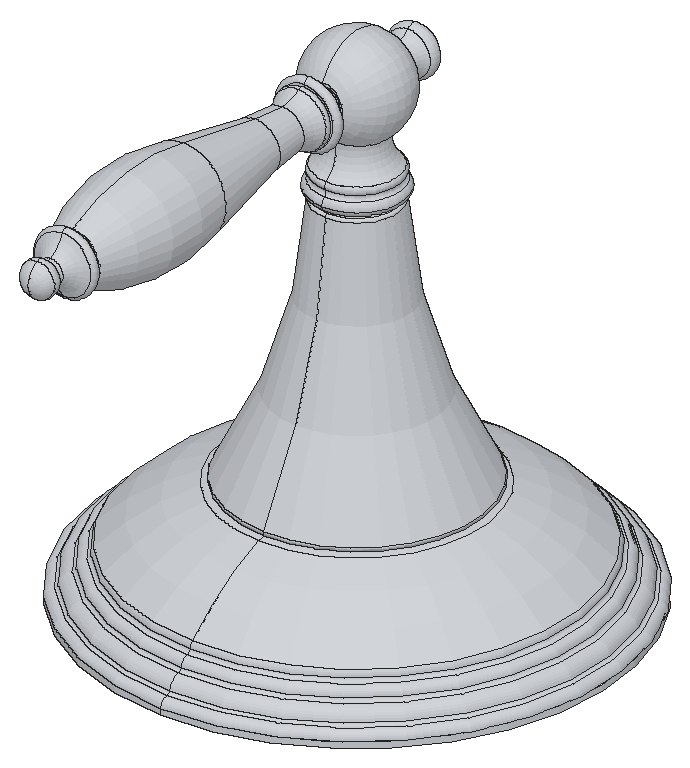
Revit family "Shower-Valve_Trim-KOHLER-Finial-K-T10304", category Specialty Equipment, host Face, Revit 2015
Parameters (values of type "CP-Polished Chrome")
  Width = 3 7/8"  # constant formula
  URL = "https://www.us.kohler.com/us/"
  Type = 1
  Product Page URL = "http://www.us.kohler.com/us/catalog/productDetails.jsp?productNumber=T10304-4M"
  Product Name = "Finial Traditional"  # constant formula
  Product Documentation Link = "http://www.us.kohler.com/onlinecatalog/pdf/K-T10304-4M_spec.pdf"
  Model = if(Type = 1, "K-T10304-4M-CP", if(Type = 2, "K-T10304-4M-SN", if(Type = 3, "K-T10304-4M-AF", if(Type = 4, "K-T10304-4M-BN", if(Type = 5, "K-T10304-4M-BV", if(Type = 6, "K-T10304-4M-2BZ", "NA"))))))  # "K-T10304-4M-CP"
  Material = "Premium Metal Construction"  # constant formula
  MasterFormat 2004 = "10.28.13"  # constant formula
  MasterFormat 1995 = "10820"  # constant formula
  Manufacturer Address = "444 Highland Dr, Kohler, WI 53044"  # constant formula
  Manufacturer = "KOHLER Co."  # constant formula
  Length = 4"  # constant formula
  Height = 3 7/8"  # constant formula
  Finish = Kohler-Metal-CP-Polished_Chrome
  Environmental Product Declaration = ""
  Description = "Traditional valve trim with lever handle for transfer valve, requires valve"  # constant formula
  Default Elevation = 42"
  Declare Label = ""
  Date Modified = "01/03/2019"  # constant formula
  Date Created = "01/03/2019"  # constant formula
  Copyright = "Copyright KOHLER Co."  # constant formula
  Contact Us = "https://www.us.kohler.com/us/static/contact.jsp"
  Assembly Code = "C1030200"
  ADA Compliant = 1 = 1  # yes
Types (7): name | Type | Model | Finish
  (no name) | 1 | "K-T10304-4M-CP" | Kohler-Metal-CP-Polished_Chrome
  CP-Polished Chrome | 1 | "K-T10304-4M-CP" | Kohler-Metal-CP-Polished_Chrome
  SN-Vibrant Polished Nickel | 2 | "K-T10304-4M-SN" | Kohler-Metal-SN-Vibrant_Polished_Nickel
  AF-Vibrant French Gold | 3 | "K-T10304-4M-AF" | Kohler-Metal-AF-Vibrant_French_Gold
  BN-Vibrant Brushed Nickel | 4 | "K-T10304-4M-BN" | Kohler-Metal-BN-Vibrant_Brushed_Nickel
  BV-Vibrant Brushed Bronze | 5 | "K-T10304-4M-BV" | Kohler-Metal-BV-Brushed_Bronze
  2BZ-Oil Rubbed Bronze | 6 | "K-T10304-4M-2BZ" | Kohler-Metal-2BZ-Oil_Rubbed_Bronze
Reference planes (in)
  plane 1 "Center (Front/Back)": y = 0
  plane 2: z = 0
  plane 3 "Center (Left/Right)": x = 0
  plane 4: x = -1.93759
  plane 5: x = 1.93741
  plane 6: z = 4
  plane 7: y = 1.9375
  plane 8: y = -1.9375
  plane 9: y = -3.25
Dimensions and locks (in)
  "Width": plane 4 to plane 5
  "Height": plane 8 to plane 7
  "Length": plane 6 to level
  plane 1 "Center (Front/Back)" to plane 9 = 3 1/4"
  aligned and locked: plane 2 to host face
  aligned and locked: level to host face
Automatic sketch dimensions
  host sketch curve to host sketch curve = 96"  (x2)
Nested families (in)
  nested 1: "K-T10304" at (0, 0, 0), type "K-T10304"
Definition of nested family "K-T10304"
  Parameters (values of type "K-T10303")
    Material = none
  Reference planes (in)
    plane 1 "Center (Front/Back)": y = 0
    plane 2: z = 0
    plane 3 "Center (Left/Right)": x = 0
    plane 4: x = 1.93759
    plane 5: y = 1.9375
    plane 6: y = -1.9375
    plane 7: y = -3.25
    plane 8: z = 4
    plane 9: x = -1.93759
  Forms (in)
    Revolve 1, solid, material <- "Material", detail levels medium+fine
      sketch origin (0, 0, 0) x (0, 1, 0) y (0, 0, 1)
        loop
          line (0.26, 2.85878) -> (0.30169, 2.85878)
          arc (0.30169, 2.85878) -> (0.33216, 2.87072) -> (0.34642, 2.90018) r 0.04486
          arc (0.34642, 2.90018) -> (0.34092, 2.93337) -> (0.32064, 2.96021) r 0.07037
          arc (0.32064, 2.96021) -> (0.30789, 2.98186) -> (0.31239, 3.00658) r 0.03603
          arc (0.31239, 3.00658) -> (0.31744, 3.03373) -> (0.30368, 3.05767) r 0.03998
          arc (0.30368, 3.05767) -> (0.21626, 3.21704) -> (0.26, 3.39347) r 0.24982
          line (0.26, 3.39347) -> (0, 3.39347) -> (0, 0) -> (1.9375, 0) -> (1.9375, 0.048)
          arc (1.9375, 0.048) -> (1.91887, 0.09297) -> (1.8739, 0.1116) r 0.0636
          arc (1.8739, 0.1116) -> (1.85796, 0.11756) -> (1.84984, 0.13252) r 0.0243
          arc (1.84984, 0.13252) -> (1.82063, 0.19113) -> (1.76205, 0.22038) r 0.10323
          arc (1.76205, 0.22038) -> (1.7445, 0.22978) -> (1.73716, 0.24828) r 0.02894
          arc (1.73716, 0.24828) -> (1.71841, 0.29212) -> (1.67468, 0.31114) r 0.06457
          arc (1.67468, 0.31114) -> (1.65545, 0.31966) -> (1.6476, 0.33917) r 0.02797
          arc (1.6476, 0.33917) -> (1.64284, 0.36549) -> (1.62903, 0.3884) r 0.07398
          arc (1.62903, 0.3884) -> (1.32336, 0.63574) -> (0.96951, 0.8072) r 1.72009
          arc (0.96951, 0.8072) -> (0.93771, 0.81587) -> (0.905, 0.82) r 0.23438
          arc (0.905, 0.82) -> (0.92252, 0.8303) -> (0.92205, 0.85061) r 0.02005
          arc (0.92205, 0.85061) -> (0.49319, 1.79065) -> (0.31324, 2.80811) r 4.0955
          arc (0.31324, 2.80811) -> (0.30678, 2.82223) -> (0.29235, 2.828) r 0.02091
          line (0.29235, 2.828) -> (0.26, 2.828) -> (0.26, 2.85878)
        axis (0, 3.39347) -> (0, 0)
      angle from 0 to 360
    Revolve 2, solid, material <- "Material", detail levels medium+fine
      sketch origin (0, 0, 0) x (0, 1, 0) y (0, 0, 1)
        loop
          line (-0.51904, 3.83973) -> (-0.51904, 3.80033)
          arc (-0.51904, 3.80033) -> (-0.53816, 3.83152) -> (-0.57463, 3.82864) r 0.035
          arc (-0.57463, 3.82864) -> (-0.65186, 3.79076) -> (-0.73737, 3.78131) r 0.24998
          arc (-0.73737, 3.78131) -> (-0.87193, 3.79282) -> (-1.00584, 3.81038) r 3.00239
          arc (-1.00584, 3.81038) -> (-1.36313, 3.87374) -> (-1.71718, 3.95326) r 7.99293
          arc (-1.71718, 3.95326) -> (-2.27694, 3.99041) -> (-2.81476, 3.83082) r 1.58983
          arc (-2.81476, 3.83082) -> (-2.8318, 3.81466) -> (-2.83704, 3.79177) r 0.04062
          line (-2.83704, 3.79177) -> (-2.83704, 3.82373)
          arc (-2.83704, 3.82373) -> (-2.86682, 3.86001) -> (-2.90822, 3.8379) r 0.037
          arc (-2.90822, 3.8379) -> (-2.95595, 3.76263) -> (-3.0263, 3.70791) r 0.26001
          arc (-3.0263, 3.70791) -> (-3.05508, 3.7045) -> (-3.07861, 3.72141) r 0.04
          arc (-3.07861, 3.72141) -> (-3.11283, 3.74805) -> (-3.15618, 3.74789) r 0.06641
          arc (-3.15618, 3.74789) -> (-3.22416, 3.69676) -> (-3.25, 3.61573) r 0.14
          line (-3.25, 3.61573) -> (0.73988, 3.61573)
          arc (0.73988, 3.61573) -> (0.73369, 3.63982) -> (0.71666, 3.65795) r 0.05
          arc (0.71666, 3.65795) -> (0.6586, 3.707) -> (0.61586, 3.76986) r 0.27997
          arc (0.61586, 3.76986) -> (0.56369, 3.80793) -> (0.50256, 3.78709) r 0.07
          arc (0.50256, 3.78709) -> (0.44978, 3.75051) -> (0.38688, 3.73763) r 0.16
          line (0.38688, 3.73763) -> (0.25928, 3.73763) -> (0.28908, 3.74898) -> (0.32123, 3.74898)
          arc (0.32123, 3.74898) -> (0.33454, 3.75601) -> (0.33622, 3.77097) r 0.0161
          arc (0.33622, 3.77097) -> (-0.00006, 4) -> (-0.33626, 3.77086) r 0.3613
          arc (-0.33626, 3.77086) -> (-0.33459, 3.75598) -> (-0.32134, 3.74898) r 0.01602
          line (-0.32134, 3.74898) -> (-0.28906, 3.74898) -> (-0.26545, 3.72917)
          arc (-0.26545, 3.72917) -> (-0.37794, 3.75913) -> (-0.44897, 3.85136) r 0.18115
          arc (-0.44897, 3.85136) -> (-0.48894, 3.87524) -> (-0.51904, 3.83973) r 0.036
        axis (0.73988, 3.61573) -> (-3.25, 3.61573)
      angle from 0 to 360
    Revolve 3, solid, material <- "Material", detail levels coarse
      sketch origin (0, 0, 0) x (0, 1, 0) y (0, 0, 1)
        loop
          line (0, 4) -> (0, 0) -> (1.9375, 0) -> (1.9375, 0.82) -> (0.94046, 0.82) -> (0.40242, 2.828) -> (0.40242, 4) -> (0, 4)
        axis (0, 4) -> (0, 0)
      angle from 0 to 360
    Revolve 4, solid, material <- "Material", detail levels coarse
      sketch origin (0, 0, 0) x (0, 1, 0) y (0, 0, 1)
        loop
          line (0.73988, 3.61573) -> (0.73988, 4) -> (-3.25, 4) -> (-3.25, 3.61573) -> (0.73988, 3.61573)
        axis (0.73988, 3.61573) -> (-3.25, 3.61573)
      angle from 0 to 360
  Cuts and joins
    joined: Revolve 1, Revolve 2
    joined: Revolve 3, Revolve 4
  Lines and regions (in)
    Masking region 1
      outline origin (0, 0, 0) x (1, 0, 0) y (0, 1, 0)
        loop
          arc (0.37181, -1.90034) -> (-0.00005, 1.93943) -> (-0.37181, -1.90035) r 1.93788
          arc (-0.37181, -1.90035) -> (-0.36163, -2.36924) -> (-0.21509, -2.81476) r 1.58983
          arc (-0.21509, -2.81476) -> (-0.19893, -2.8318) -> (-0.17604, -2.83704) r 0.04062
          line (-0.17604, -2.83704) -> (-0.208, -2.83704)
          arc (-0.208, -2.83704) -> (-0.24429, -2.86682) -> (-0.22217, -2.90822) r 0.037
          arc (-0.22217, -2.90822) -> (-0.14691, -2.95595) -> (-0.09219, -3.0263) r 0.26001
          arc (-0.09219, -3.0263) -> (-0.08877, -3.05508) -> (-0.10569, -3.07861) r 0.04
          arc (-0.10569, -3.07861) -> (-0.13232, -3.11283) -> (-0.13216, -3.15618) r 0.06641
          arc (-0.13216, -3.15618) -> (0, -3.25) -> (0.13216, -3.15618) r 0.14
          arc (0.13216, -3.15618) -> (0.13232, -3.11283) -> (0.10569, -3.07861) r 0.06641
          arc (0.10569, -3.07861) -> (0.08877, -3.05508) -> (0.09219, -3.0263) r 0.04
          arc (0.09219, -3.0263) -> (0.14691, -2.95595) -> (0.22217, -2.90822) r 0.26001
          arc (0.22217, -2.90822) -> (0.24429, -2.86682) -> (0.208, -2.83704) r 0.037
          line (0.208, -2.83704) -> (0.17604, -2.83704)
          arc (0.17604, -2.83704) -> (0.19893, -2.8318) -> (0.21509, -2.81476) r 0.04062
          arc (0.21509, -2.81476) -> (0.36163, -2.36923) -> (0.37181, -1.90034) r 1.58983
    Masking region 2
      outline origin (0, 0, 0) x (0, 1, 0) y (0, 0, 1)
        loop
          line (-0.51904, 3.83973) -> (-0.51904, 3.80017)
          arc (-0.51904, 3.80017) -> (-0.53816, 3.83136) -> (-0.57463, 3.82847) r 0.035
          arc (-0.57463, 3.82847) -> (-0.65186, 3.7906) -> (-0.73737, 3.78115) r 0.24998
          arc (-0.73737, 3.78115) -> (-0.87193, 3.79266) -> (-1.00584, 3.81021) r 3.00239
          arc (-1.00584, 3.81021) -> (-1.36313, 3.87357) -> (-1.71718, 3.95309) r 7.99293
          arc (-1.71718, 3.95309) -> (-2.27694, 3.99024) -> (-2.81476, 3.83065) r 1.58983
          arc (-2.81476, 3.83065) -> (-2.8318, 3.81449) -> (-2.83704, 3.7916) r 0.04062
          line (-2.83704, 3.7916) -> (-2.83704, 3.82373)
          arc (-2.83704, 3.82373) -> (-2.86682, 3.86001) -> (-2.90822, 3.8379) r 0.037
          arc (-2.90822, 3.8379) -> (-2.95595, 3.76263) -> (-3.0263, 3.70791) r 0.26001
          arc (-3.0263, 3.70791) -> (-3.05508, 3.7045) -> (-3.07861, 3.72141) r 0.04
          arc (-3.07861, 3.72141) -> (-3.11283, 3.74805) -> (-3.15618, 3.74789) r 0.06641
          arc (-3.15618, 3.74789) -> (-3.25, 3.61573) -> (-3.15618, 3.48356) r 0.14
          arc (-3.15618, 3.48356) -> (-3.11283, 3.48341) -> (-3.07861, 3.51004) r 0.06641
          arc (-3.07861, 3.51004) -> (-3.05508, 3.52696) -> (-3.0263, 3.52354) r 0.04
          arc (-3.0263, 3.52354) -> (-2.95595, 3.46882) -> (-2.90822, 3.39356) r 0.26001
          arc (-2.90822, 3.39356) -> (-2.86682, 3.37144) -> (-2.83704, 3.40773) r 0.037
          line (-2.83704, 3.40773) -> (-2.83704, 3.43968)
          arc (-2.83704, 3.43968) -> (-2.8318, 3.4168) -> (-2.81476, 3.40064) r 0.04062
          arc (-2.81476, 3.40064) -> (-2.27694, 3.24105) -> (-1.71718, 3.27819) r 1.58983
          arc (-1.71718, 3.27819) -> (-1.36313, 3.35771) -> (-1.00584, 3.42108) r 7.99293
          arc (-1.00584, 3.42108) -> (-0.87193, 3.43863) -> (-0.73737, 3.45014) r 3.00239
          arc (-0.73737, 3.45014) -> (-0.65186, 3.44069) -> (-0.57463, 3.40281) r 0.24998
          arc (-0.57463, 3.40281) -> (-0.53816, 3.39993) -> (-0.51904, 3.43112) r 0.035
          line (-0.51904, 3.43112) -> (-0.51904, 3.39173)
          arc (-0.51904, 3.39173) -> (-0.48894, 3.35621) -> (-0.44897, 3.38009) r 0.036
          arc (-0.44897, 3.38009) -> (-0.40588, 3.44939) -> (-0.33675, 3.49275) r 0.18115
          line (-0.33675, 3.49275) -> (-0.33675, 3.46184)
          arc (-0.33675, 3.46184) -> (-0.28939, 3.37645) -> (-0.22091, 3.30685) r 0.3613
          arc (-0.22091, 3.30685) -> (-0.22692, 3.17051) -> (-0.30368, 3.05767) r 0.24982
          arc (-0.30368, 3.05767) -> (-0.31744, 3.03373) -> (-0.31239, 3.00658) r 0.03998
          arc (-0.31239, 3.00658) -> (-0.30789, 2.98186) -> (-0.32064, 2.96021) r 0.03603
          arc (-0.32064, 2.96021) -> (-0.34092, 2.93337) -> (-0.34642, 2.90018) r 0.07037
          arc (-0.34642, 2.90018) -> (-0.33216, 2.87072) -> (-0.30169, 2.85878) r 0.04486
          line (-0.30169, 2.85878) -> (-0.26, 2.85878) -> (-0.26, 2.828) -> (-0.29235, 2.828)
          arc (-0.29235, 2.828) -> (-0.30678, 2.82223) -> (-0.31324, 2.80811) r 0.02091
          arc (-0.31324, 2.80811) -> (-0.49319, 1.79065) -> (-0.92205, 0.85061) r 4.0955
          arc (-0.92205, 0.85061) -> (-0.92252, 0.8303) -> (-0.905, 0.82) r 0.02005
          arc (-0.905, 0.82) -> (-0.93771, 0.81587) -> (-0.96951, 0.8072) r 0.23438
          arc (-0.96951, 0.8072) -> (-1.32336, 0.63574) -> (-1.62903, 0.3884) r 1.72009
          arc (-1.62903, 0.3884) -> (-1.64284, 0.36549) -> (-1.6476, 0.33917) r 0.07398
          arc (-1.6476, 0.33917) -> (-1.65545, 0.31966) -> (-1.67468, 0.31114) r 0.02797
          arc (-1.67468, 0.31114) -> (-1.71841, 0.29212) -> (-1.73716, 0.24828) r 0.06457
          arc (-1.73716, 0.24828) -> (-1.7445, 0.22978) -> (-1.76205, 0.22038) r 0.02894
          arc (-1.76205, 0.22038) -> (-1.82063, 0.19113) -> (-1.84984, 0.13252) r 0.10323
          arc (-1.84984, 0.13252) -> (-1.85796, 0.11756) -> (-1.8739, 0.1116) r 0.0243
          arc (-1.8739, 0.1116) -> (-1.91887, 0.09297) -> (-1.9375, 0.048) r 0.0636
          line (-1.9375, 0.048) -> (-1.9375, 0) -> (1.9375, 0) -> (1.9375, 0.048)
          arc (1.9375, 0.048) -> (1.91887, 0.09297) -> (1.8739, 0.1116) r 0.0636
          arc (1.8739, 0.1116) -> (1.85796, 0.11756) -> (1.84984, 0.13252) r 0.0243
          arc (1.84984, 0.13252) -> (1.82063, 0.19113) -> (1.76205, 0.22038) r 0.10323
          arc (1.76205, 0.22038) -> (1.7445, 0.22978) -> (1.73716, 0.24828) r 0.02894
          arc (1.73716, 0.24828) -> (1.71841, 0.29212) -> (1.67468, 0.31114) r 0.06457
          arc (1.67468, 0.31114) -> (1.65545, 0.31966) -> (1.6476, 0.33917) r 0.02797
          arc (1.6476, 0.33917) -> (1.64284, 0.36549) -> (1.62903, 0.3884) r 0.07398
          arc (1.62903, 0.3884) -> (1.32336, 0.63574) -> (0.96951, 0.8072) r 1.72009
          arc (0.96951, 0.8072) -> (0.93771, 0.81587) -> (0.905, 0.82) r 0.23438
          arc (0.905, 0.82) -> (0.92252, 0.8303) -> (0.92205, 0.85061) r 0.02005
          arc (0.92205, 0.85061) -> (0.49319, 1.79065) -> (0.31324, 2.80811) r 4.0955
          arc (0.31324, 2.80811) -> (0.30678, 2.82223) -> (0.29235, 2.828) r 0.02091
          line (0.29235, 2.828) -> (0.26, 2.828) -> (0.26, 2.85878) -> (0.30169, 2.85878)
          arc (0.30169, 2.85878) -> (0.33216, 2.87072) -> (0.34642, 2.90018) r 0.04486
          arc (0.34642, 2.90018) -> (0.34092, 2.93337) -> (0.32064, 2.96021) r 0.07037
          arc (0.32064, 2.96021) -> (0.30789, 2.98186) -> (0.31239, 3.00658) r 0.03603
          arc (0.31239, 3.00658) -> (0.31744, 3.03373) -> (0.30368, 3.05767) r 0.03998
          arc (0.30368, 3.05767) -> (0.22692, 3.17051) -> (0.22091, 3.30685) r 0.24982
          arc (0.22091, 3.30685) -> (0.28976, 3.37693) -> (0.33718, 3.46297) r 0.3613
          line (0.33718, 3.46297) -> (0.33718, 3.49383) -> (0.38688, 3.49383)
          arc (0.38688, 3.49383) -> (0.44978, 3.48094) -> (0.50256, 3.44436) r 0.16
          arc (0.50256, 3.44436) -> (0.56369, 3.42352) -> (0.61586, 3.46159) r 0.07
          arc (0.61586, 3.46159) -> (0.6586, 3.52445) -> (0.71666, 3.5735) r 0.27997
          arc (0.71666, 3.5735) -> (0.73988, 3.61573) -> (0.71666, 3.65795) r 0.05
          arc (0.71666, 3.65795) -> (0.6586, 3.707) -> (0.61586, 3.76986) r 0.27997
          arc (0.61586, 3.76986) -> (0.56369, 3.80793) -> (0.50256, 3.78709) r 0.07
          arc (0.50256, 3.78709) -> (0.44978, 3.75051) -> (0.38688, 3.73763) r 0.16
          line (0.38688, 3.73763) -> (0.33718, 3.73763) -> (0.33718, 3.76848)
          arc (0.33718, 3.76848) -> (0.00061, 4) -> (-0.33675, 3.76961) r 0.3613
          line (-0.33675, 3.76961) -> (-0.33675, 3.73871)
          arc (-0.33675, 3.73871) -> (-0.40588, 3.78206) -> (-0.44897, 3.85136) r 0.18115
          arc (-0.44897, 3.85136) -> (-0.48894, 3.87524) -> (-0.51904, 3.83973) r 0.036
    Masking region 3
      outline origin (0, 0, 0) x (1, 0, 0) y (0, 0, 1)
        loop
          line (-0.26, 2.85878) -> (-0.26, 2.828) -> (-0.29235, 2.828)
          arc (-0.29235, 2.828) -> (-0.30678, 2.82223) -> (-0.31324, 2.80811) r 0.02091
          arc (-0.31324, 2.80811) -> (-0.49319, 1.79065) -> (-0.92205, 0.85061) r 4.0955
          arc (-0.92205, 0.85061) -> (-0.92252, 0.8303) -> (-0.905, 0.82) r 0.02005
          arc (-0.905, 0.82) -> (-0.93771, 0.81587) -> (-0.96951, 0.8072) r 0.23438
          arc (-0.96951, 0.8072) -> (-1.32386, 0.63542) -> (-1.62985, 0.38756) r 1.72009
          arc (-1.62985, 0.38756) -> (-1.64313, 0.36497) -> (-1.64769, 0.33917) r 0.07398
          arc (-1.64769, 0.33917) -> (-1.65555, 0.31966) -> (-1.67477, 0.31114) r 0.02797
          arc (-1.67477, 0.31114) -> (-1.7185, 0.29212) -> (-1.73726, 0.24828) r 0.06457
          arc (-1.73726, 0.24828) -> (-1.74459, 0.22978) -> (-1.76214, 0.22038) r 0.02894
          arc (-1.76214, 0.22038) -> (-1.82073, 0.19113) -> (-1.84993, 0.13252) r 0.10323
          arc (-1.84993, 0.13252) -> (-1.85805, 0.11756) -> (-1.87399, 0.1116) r 0.0243
          arc (-1.87399, 0.1116) -> (-1.91896, 0.09297) -> (-1.93759, 0.048) r 0.0636
          line (-1.93759, 0.048) -> (-1.93759, 0) -> (1.93759, 0) -> (1.93759, 0.048)
          arc (1.93759, 0.048) -> (1.91896, 0.09297) -> (1.87399, 0.1116) r 0.0636
          arc (1.87399, 0.1116) -> (1.85805, 0.11756) -> (1.84993, 0.13252) r 0.0243
          arc (1.84993, 0.13252) -> (1.82073, 0.19113) -> (1.76214, 0.22038) r 0.10323
          arc (1.76214, 0.22038) -> (1.74459, 0.22978) -> (1.73726, 0.24828) r 0.02894
          arc (1.73726, 0.24828) -> (1.7185, 0.29212) -> (1.67477, 0.31114) r 0.06457
          arc (1.67477, 0.31114) -> (1.65555, 0.31966) -> (1.64769, 0.33917) r 0.02797
          arc (1.64769, 0.33917) -> (1.64313, 0.36497) -> (1.62985, 0.38756) r 0.07398
          arc (1.62985, 0.38756) -> (1.32386, 0.63542) -> (0.96951, 0.8072) r 1.72009
          arc (0.96951, 0.8072) -> (0.93771, 0.81587) -> (0.905, 0.82) r 0.23438
          arc (0.905, 0.82) -> (0.92252, 0.8303) -> (0.92205, 0.85061) r 0.02005
          arc (0.92205, 0.85061) -> (0.49319, 1.79065) -> (0.31324, 2.80811) r 4.0955
          arc (0.31324, 2.80811) -> (0.30678, 2.82223) -> (0.29235, 2.828) r 0.02091
          line (0.29235, 2.828) -> (0.26, 2.828) -> (0.26, 2.85878) -> (0.30169, 2.85878)
          arc (0.30169, 2.85878) -> (0.33216, 2.87072) -> (0.34642, 2.90018) r 0.04486
          arc (0.34642, 2.90018) -> (0.34092, 2.93337) -> (0.32064, 2.96021) r 0.07037
          arc (0.32064, 2.96021) -> (0.30789, 2.98186) -> (0.31239, 3.00658) r 0.03603
          arc (0.31239, 3.00658) -> (0.31744, 3.03373) -> (0.30368, 3.05767) r 0.03998
          arc (0.30368, 3.05767) -> (0.228, 3.16731) -> (0.21944, 3.30027) r 0.24982
          arc (0.21944, 3.30027) -> (0, 4) -> (-0.21944, 3.30027) r 0.38427
          arc (-0.21944, 3.30027) -> (-0.228, 3.16731) -> (-0.30368, 3.05767) r 0.24982
          arc (-0.30368, 3.05767) -> (-0.31744, 3.03373) -> (-0.31239, 3.00658) r 0.03998
          arc (-0.31239, 3.00658) -> (-0.30789, 2.98186) -> (-0.32064, 2.96021) r 0.03603
          arc (-0.32064, 2.96021) -> (-0.34092, 2.93337) -> (-0.34642, 2.90018) r 0.07037
          arc (-0.34642, 2.90018) -> (-0.33216, 2.87072) -> (-0.30169, 2.85878) r 0.04486
          line (-0.30169, 2.85878) -> (-0.26, 2.85878)
    symbolic lines, detail levels medium+fine
      curve 1: arc (-0.30921, -1.59942, 0) -> (0, 1.62903, 0) -> (0.30921, -1.59942, 0) r 1.62903
      curve 2: arc (0.35833, -1.81351, 0) -> (0, 1.84858, 0) -> (-0.35833, -1.81351, 0) r 1.84858
      curve 3: arc (0.33445, -1.70475, 0) -> (0, 1.73724, 0) -> (-0.33445, -1.70475, 0) r 1.73724
      curve 4: arc (0.31347, -1.61765, 0) -> (0, 1.64775, 0) -> (-0.31347, -1.61765, 0) r 1.64775
      curve 5: arc (0.18112, -0.90717, 0) -> (0, 0.92508, 0) -> (-0.18112, -0.90717, 0) r 0.92508
      curve 6: arc (0.15413, 0.61586, 0) -> (0.09127, 0.6586, 0) -> (0.04222, 0.71666, 0) r 0.27997
      curve 7: arc (0.04222, 0.71666, 0) -> (0, 0.73988, 0) -> (-0.04222, 0.71666, 0) r 0.05
      curve 8: arc (0.33753, -1.71718, 0) -> (0.25802, -1.36313, 0) -> (0.19465, -1.00584, 0) r 7.99293
      curve 9: arc (0.19465, -1.00584, 0) -> (0.1771, -0.87193, 0) -> (0.16559, -0.73737, 0) r 3.00239
      curve 10: arc (0.16559, -0.73737, 0) -> (0.17504, -0.65186, 0) -> (0.21291, -0.57463, 0) r 0.24998
      curve 11: arc (0.21291, -0.57463, 0) -> (0.2158, -0.53816, 0) -> (0.18461, -0.51904, 0) r 0.035
      curve 12: line (0.18461, -0.51904, 0) -> (0.224, -0.51904, 0)
      curve 13: arc (0.224, -0.51904, 0) -> (0.25951, -0.48894, 0) -> (0.23564, -0.44897, 0) r 0.036
      curve 14: arc (0.23564, -0.44897, 0) -> (0.16634, -0.40588, 0) -> (0.12298, -0.33675, 0) r 0.18115
      curve 15: line (-0.15389, -0.33675, 0) -> (0.15389, -0.33675, 0)
      curve 16: arc (0.15389, -0.33675, 0) -> (0.38427, 0.00062, 0) -> (0.15273, 0.33719, 0) r 0.3613
      curve 17: line (0.15273, 0.33719, 0) -> (-0.15273, 0.33719, 0)
      curve 18: line (0.1219, 0.33719, 0) -> (0.1219, 0.38688, 0)
      curve 19: arc (0.1219, 0.38688, 0) -> (0.13478, 0.44978, 0) -> (0.17136, 0.50256, 0) r 0.16
      curve 20: arc (0.17136, 0.50256, 0) -> (0.19221, 0.56369, 0) -> (0.15413, 0.61586, 0) r 0.07
      curve 21: arc (0.37195, -1.90146, 0) -> (0.35746, -1.80881, 0) -> (0.33753, -1.71718, 0) r 1.58983
      curve 22: arc (-0.15413, 0.61586, 0) -> (-0.09127, 0.6586, 0) -> (-0.04222, 0.71666, 0) r 0.27997
      curve 23: arc (-0.33753, -1.71718, 0) -> (-0.25802, -1.36313, 0) -> (-0.19465, -1.00584, 0) r 7.99293
      curve 24: arc (-0.19465, -1.00584, 0) -> (-0.1771, -0.87193, 0) -> (-0.16559, -0.73737, 0) r 3.00239
      curve 25: arc (-0.16559, -0.73737, 0) -> (-0.17504, -0.65186, 0) -> (-0.21291, -0.57463, 0) r 0.24998
      curve 26: arc (-0.21291, -0.57463, 0) -> (-0.2158, -0.53816, 0) -> (-0.18461, -0.51904, 0) r 0.035
      curve 27: line (-0.18461, -0.51904, 0) -> (-0.224, -0.51904, 0)
      curve 28: arc (-0.224, -0.51904, 0) -> (-0.25951, -0.48894, 0) -> (-0.23564, -0.44897, 0) r 0.036
      curve 29: arc (-0.23564, -0.44897, 0) -> (-0.16634, -0.40588, 0) -> (-0.12298, -0.33675, 0) r 0.18115
      curve 30: arc (-0.15389, -0.33675, 0) -> (-0.38427, 0.00062, 0) -> (-0.15273, 0.33719, 0) r 0.3613
      curve 31: line (-0.1219, 0.33719, 0) -> (-0.1219, 0.38688, 0)
      curve 32: arc (-0.1219, 0.38688, 0) -> (-0.13478, 0.44978, 0) -> (-0.17136, 0.50256, 0) r 0.16
      curve 33: arc (-0.17136, 0.50256, 0) -> (-0.19221, 0.56369, 0) -> (-0.15413, 0.61586, 0) r 0.07
      curve 34: arc (-0.37195, -1.90146, 0) -> (-0.35746, -1.80881, 0) -> (-0.33753, -1.71718, 0) r 1.58983
      curve 35: line (-0.18461, -0.51904, 0) -> (0.18461, -0.51904, 0)
      curve 36: line (-0.17604, -2.83704, 0) -> (0.17604, -2.83704, 0)
      curve 37: line (-0.22217, -2.90822, 0) -> (0.22217, -2.90822, 0)
      curve 38: line (0, 0.26, 2.85878) -> (0, -0.26, 2.85878)
      curve 39: line (0, 0.26, 2.828) -> (0, -0.26, 2.828)
      curve 40: line (0, 0.32064, 2.96021) -> (0, -0.32064, 2.96021)
      curve 41: line (0, 0.31239, 3.00658) -> (0, -0.31239, 3.00658)
      curve 42: line (0, 0.30368, 3.05767) -> (0, -0.30368, 3.05767)
      curve 43: line (0, 0.905, 0.82) -> (0, -0.905, 0.82)
      curve 44: line (0, 1.8739, 0.1116) -> (0, -1.8739, 0.1116)
      curve 45: line (0, -1.76205, 0.22038) -> (0, 1.76205, 0.22038)
      curve 46: line (0, 1.67468, 0.31114) -> (0, -1.67468, 0.31114)
      curve 47: line (0, 1.62903, 0.3884) -> (0, -1.62903, 0.3884)
      curve 48: line (0, 0.33718, 3.73763) -> (0, 0.33718, 3.49383)
      curve 49: line (0, -0.33675, 3.73871) -> (0, -0.33675, 3.49275)
      curve 50: line (0, -0.51904, 3.80033) -> (0, -0.51904, 3.41142)
      curve 51: line (0, -0.44897, 3.85136) -> (0, -0.44897, 3.38009)
      curve 52: line (0, -2.83704, 3.79177) -> (0, -2.83704, 3.43968)
      curve 53: line (0, 0.22103, 3.30685) -> (0, -0.22103, 3.30685)
      curve 54: line (-0.26, 0, 2.85878) -> (0.26, 0, 2.85878)
      curve 55: line (-0.26, 0, 2.828) -> (0.26, 0, 2.828)
      curve 56: line (-0.32064, 0, 2.96021) -> (0.32064, 0, 2.96021)
      curve 57: line (0.31239, 0, 3.00658) -> (-0.31239, 0, 3.00658)
      curve 58: line (-0.30368, 0, 3.05767) -> (0.30368, 0, 3.05767)
      curve 59: line (-0.905, 0, 0.82) -> (0.905, 0, 0.82)
      curve 60: line (-1.62903, 0, 0.3884) -> (1.62903, 0, 0.3884)
      curve 61: line (-1.67468, 0, 0.31114) -> (1.67468, 0, 0.31114)
      curve 62: line (-1.76205, 0, 0.22038) -> (1.76205, 0, 0.22038)
      curve 63: line (-1.8739, 0, 0.1116) -> (1.8739, 0, 0.1116)
      curve 64: circle (0, 0, 3.61573) r 0.19304 normal (0, -1, 0)
      curve 65: arc (-0.21944, 0, 3.30027) -> (0, 0, 3.23145) -> (0.21944, 0, 3.30027) r 0.38427
  Dimensions and locks (in)
    aligned and locked: level to plane 2
